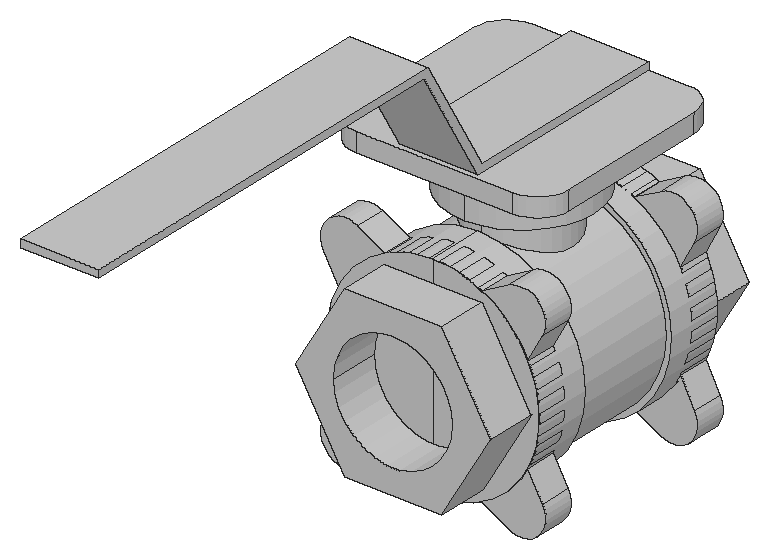
Revit family "КШ РАШВОРК  арт.7025 .rfa", category Арматура трубопроводов, Revit 2021
Family settings
  Размер круглого соединителя = Использовать диаметр
  Тип детали = Нормальный
  На основе рабочей плоскости = Нет
  Всегда вертикально = Нет
  При загрузке вырезать с полостями = Да
  Общий = Нет
Parameters (values of type "Кран шаровой полнопроходной РАШВОРК 7025 DN040 PN63, CF8M / AISI316 / PTFE, ВР/ВР, ISO 5211, рукоятка-рычаг, кв.14мм")
  Шручки = 25 mm
  ШISO = 70 mm
  Уго_длинна = 115 mm
  Ручка = нерж. сталь AISI304
  РАСС = 71 mm
  Отметка по умолчанию = 0 mm
  Корпус_ = Корпус_ : DN40
  Корпус = нерж. сталь CF8M
  Изготовитель = "ООО \"ТД \"РАШВОРК\""
  W = 185 mm
  URL = "https://rwru.ru/"
  TISO = 6 mm
  Lруч = 130 mm
  LL = 54 mm
  L4 = 23 mm
  L3 = 16 mm
  L2 = 18 mm
  L1 = 71 mm
  L = 103 mm
  H3 = 16 mm
  H2 = 2 mm
  H11 = 34 mm
  H1 = 61.5 mm
  H = 101 mm
  DN_соединителя = 40 mm
  DN = 38 mm
  ADSK_Примечание = ""
  ADSK_Наименование краткое = ""
  ADSK_Наименование = "Кран шаровой полнопроходной РАШВОРК 7025 DN040 PN63, CF8M / AISI316 / PTFE, ВР/ВР, ISO 5211, рукоятка-рычаг, кв.14мм"
  ADSK_Масса = 2.18
  ADSK_Код изделия = "7025-040-63"
  ADSK_Завод-изготовитель = "ООО \"ТД \"РАШВОРК\""
  ADSK_Единица измерения = "шт"
Types (12, lengths in mm): name | Шручки | ШISO | РАСС | Корпус_ | W | TISO | Lруч | LL | L4 | L3 | L2 | L1 | L | H3 | H2 | H11 | H1 | H | DN_соединителя | DN | ADSK_Наименование | ADSK_Масса | ADSK_Код изделия
  (no name) | 25 | 70 | 71 | Корпус_ : DN40 | 185 | 6 | 130 | 54 | 23 | 16 | 18 | 71 | 103 | 16 | 2 | 34 | 61.5 | 101 | 40 | 38 | "Кран шаровой полнопроходной РАШВОРК 7025 DN040 PN63, CF8M / AISI316 / PTFE, ВР/ВР, ISO 5211, рукоятка-рычаг, кв.14мм" | 2.18 | "7025-040-63"
  Кран шаровой полнопроходной РАШВОРК 7025 DN008 PN63, CF8M / AISI316 / PTFE, ВР/ВР, ISO 5211, рукоятка-рычаг, кв.9мм | 20 | 32 | 33 | Корпус_ : DN8_10 | 140 | 4 | 100 | 20 | 14 | 10 | 10 | 35 | 52 | 8 | 1 | 13 | 30 | 60 | 8 | 12.5 | "Кран шаровой полнопроходной РАШВОРК 7025 DN008 PN63, CF8M / AISI316 / PTFE, ВР/ВР, ISO 5211, рукоятка-рычаг, кв.9мм" | 0.4 | "7025-008-63"
  Кран шаровой полнопроходной РАШВОРК 7025 DN100 PN63, CF8M / AISI316 / PTFE, ВР/ВР, ISO 5211, рукоятка-рычаг, кв.17мм | 32 | 102 | 152 | Корпус_ : DN100 | 320 | 10 | 245 | 115 | 29 | 27 | 33 | 152 | 213 | 15 | 8 | 76 | 131 | 182 | 100 | 94 | "Кран шаровой полнопроходной РАШВОРК 7025 DN100 PN63, CF8M / AISI316 / PTFE, ВР/ВР, ISO 5211, рукоятка-рычаг, кв.17мм" | 14.37 | "7025-100-63"
  Кран шаровой полнопроходной РАШВОРК 7025 DN010 PN63, CF8M / AISI316 / PTFE, ВР/ВР, ISO 5211, рукоятка-рычаг, кв.9мм | 20 | 32 | 33 | Корпус_ : DN8_10 | 140 | 4 | 100 | 20 | 14 | 10 | 10 | 35 | 52 | 8 | 1 | 13 | 30 | 60 | 10 | 12.5 | "Кран шаровой полнопроходной РАШВОРК 7025 DN010 PN63, CF8M / AISI316 / PTFE, ВР/ВР, ISO 5211, рукоятка-рычаг, кв.9мм" | 0.42 | "7025-010-63"
  Кран шаровой полнопроходной РАШВОРК 7025 DN015 PN63, CF8M / AISI316 / PTFE, ВР/ВР, ISO 5211, рукоятка-рычаг, кв.9мм | 20 | 42 | 38 | Корпус_ : DN15 | 140 | 5 | 100 | 25 | 16 | 10 | 10 | 38 | 62 | 10 | 1 | 16 | 36.5 | 68 | 15 | 15 | "Кран шаровой полнопроходной РАШВОРК 7025 DN015 PN63, CF8M / AISI316 / PTFE, ВР/ВР, ISO 5211, рукоятка-рычаг, кв.9мм" | 0.53 | "7025-015-63"
  Кран шаровой полнопроходной РАШВОРК 7025 DN020 PN63, CF8M / AISI316 / PTFE, ВР/ВР, ISO 5211, рукоятка-рычаг, кв.9мм | 20 | 42 | 48 | Корпус_ : DN20 | 140 | 5 | 100 | 31 | 16 | 10 | 14 | 48 | 72 | 6 | 1 | 20 | 40.5 | 72 | 20 | 20 | "Кран шаровой полнопроходной РАШВОРК 7025 DN020 PN63, CF8M / AISI316 / PTFE, ВР/ВР, ISO 5211, рукоятка-рычаг, кв.9мм" | 0.68 | "7025-020-63"
  Кран шаровой полнопроходной РАШВОРК 7025 DN025 PN63, CF8M / AISI316 / PTFE, ВР/ВР, ISO 5211, рукоятка-рычаг, кв.11мм | 22 | 50 | 51 | Корпус_ : DN25 | 160 | 6 | 90 | 38.5 | 18 | 10 | 16 | 51 | 72 | 11 | 2 | 25 | 48.5 | 86 | 25 | 25 | "Кран шаровой полнопроходной РАШВОРК 7025 DN025 PN63, CF8M / AISI316 / PTFE, ВР/ВР, ISO 5211, рукоятка-рычаг, кв.11мм" | 0.97 | "7025-025-63"
  Кран шаровой полнопроходной РАШВОРК 7025 DN032 PN63, CF8M / AISI316 / PTFE, ВР/ВР, ISO 5211, рукоятка-рычаг, кв.11мм | 22 | 50 | 64 | Корпус_ : DN32 | 160 | 6 | 90 | 48 | 18 | 10 | 15 | 55 | 72 | 11 | 2 | 30 | 53 | 94 | 32 | 32 | "Кран шаровой полнопроходной РАШВОРК 7025 DN032 PN63, CF8M / AISI316 / PTFE, ВР/ВР, ISO 5211, рукоятка-рычаг, кв.11мм" | 1.55 | "7025-032-63"
  Кран шаровой полнопроходной РАШВОРК 7025 DN040 PN63, CF8M / AISI316 / PTFE, ВР/ВР, ISO 5211, рукоятка-рычаг, кв.14мм | 25 | 70 | 71 | Корпус_ : DN40 | 185 | 6 | 130 | 54 | 23 | 16 | 18 | 71 | 103 | 16 | 2 | 34 | 61.5 | 101 | 40 | 38 | "Кран шаровой полнопроходной РАШВОРК 7025 DN040 PN63, CF8M / AISI316 / PTFE, ВР/ВР, ISO 5211, рукоятка-рычаг, кв.14мм" | 2.18 | "7025-040-63"
  Кран шаровой полнопроходной РАШВОРК 7025 DN050 PN63, CF8M / AISI316 / PTFE, ВР/ВР, ISO 5211, рукоятка-рычаг, кв.14мм | 25 | 70 | 90 | Корпус_ : DN50 | 185 | 6 | 130 | 68 | 23 | 16 | 20 | 90 | 126 | 16 | 2 | 44 | 70.5 | 110 | 50 | 50 | "Кран шаровой полнопроходной РАШВОРК 7025 DN050 PN63, CF8M / AISI316 / PTFE, ВР/ВР, ISO 5211, рукоятка-рычаг, кв.14мм" | 3.19 | "7025-050-63"
  Кран шаровой полнопроходной РАШВОРК 7025 DN065 PN63, CF8M / AISI316 / PTFE, ВР/ВР, ISO 5211, рукоятка-рычаг, кв.17мм | 25 | 102 | 112 | Корпус_ : DN65 | 230 | 10 | 155 | 85 | 30 | 20 | 25 | 112 | 158 | 16 | 2 | 55 | 95.5 | 143 | 65 | 65 | "Кран шаровой полнопроходной РАШВОРК 7025 DN065 PN63, CF8M / AISI316 / PTFE, ВР/ВР, ISO 5211, рукоятка-рычаг, кв.17мм" | 6.22 | "7025-065-63"
  Кран шаровой полнопроходной РАШВОРК 7025 DN080 PN63, CF8M / AISI316 / PTFE, ВР/ВР, ISO 5211, рукоятка-рычаг, кв.17мм | 32 | 102 | 128 | Корпус_ : DN80 | 230 | 10 | 155 | 96 | 30 | 20 | 28 | 128 | 179 | 16 | 3 | 62 | 109 | 157 | 80 | 76 | "Кран шаровой полнопроходной РАШВОРК 7025 DN080 PN63, CF8M / AISI316 / PTFE, ВР/ВР, ISO 5211, рукоятка-рычаг, кв.17мм" | 8.3 | "7025-080-63"
Reference planes
  plane 1 "По центру (Вперед/Назад)": y = 0
  plane 2: z = 0
  plane 3 "По центру (Влево/Вправо)": x = 0
  plane 4: z = 27
  plane 5: z = -27
  plane 6: through (631.09, -1524, 1093.08) normal (0.866, 0, -0.5)
  plane 7: through (-682.473, 0, -1128.077) normal (0.866, 0, -0.5)
  plane 8: through (-635.707, 0, -1155.077) normal (0.866, 0, -0.5)
  plane 9: through (-631.09, -1524, 1093.08) normal (0.866, 0, 0.5)
  plane 10: through (682.473, 0, -1128.077) normal (0.866, 0, 0.5)
  plane 11: through (635.707, 0, -1155.077) normal (0.866, 0, 0.5)
  plane 12: y = 51.5
  plane 13: y = -51.5
  plane 14: y = -185
  plane 15: x = -12.5
  plane 16: x = 12.5
  plane 17: y = 35.5
  plane 18: y = -35.5
  plane 19: z = 34
  plane 20: y = 17.5
  plane 21: y = -17.5
  plane 22: z = 32
  plane 23: z = 61.5
  plane 24: z = 55.5
  plane 25: y = 35
  plane 26: y = -35
  plane 27: x = -35
  plane 28: x = 35
  plane 29: y = -23
  plane 30: z = 39.5
  plane 31: y = -16
  plane 32: y = -55
  plane 33: z = -6.5
  plane 34: z = 176
  plane 35: z = -4
  plane 36: z = -4
  plane 37: y = 35.5
  plane 38: y = -35.5
Forms (mm)
  Extrusion 1, solid, material "нерж. сталь CF8M" <- "Корпус", detail levels medium+fine
    sketch origin (0, 0, 0) x (1, 0, 0) y (0, 0, -1)
      loop
        line (-15.588, -27) -> (15.588, -27) -> (31.177, 0) -> (15.588, 27) -> (-15.588, 27) -> (-31.177, 0) -> (-15.588, -27)
    from -51.5 to 51.5
  Extrusion 2, void
    sketch origin (0, 0, 0) x (1, 0, 0) y (0, 0, 1)
      loop
        circle (0, 0) r 19
    from -51.5 to 51.5
  Extrusion 3, solid, material "нерж. сталь AISI304" <- "Ручка", detail levels medium+fine
    sketch origin (0, 0, 0) x (0, 1, 0) y (0, 0, 1)
      loop
        line (35, 64) -> (-31.538, 64) -> (-53.391, 101) -> (-185, 101) -> (-185, 98.5) -> (-55, 98.5) -> (-33.147, 61.5) -> (35, 61.5) -> (35, 64)
    from -12.5 to 12.5
  Revolve 4, solid, material "нерж. сталь CF8M" <- "Корпус", detail levels medium+fine
    sketch origin (0, 0, 0) x (0, 1, 0) y (0, 0, 1)
      loop
        line (35.5, 0) -> (35.5, 34) -> (17.5, 34) -> (17.5, 32) -> (-17.5, 32) -> (-17.5, 34) -> (-35.5, 34) -> (-35.5, 0) -> (35.5, 0)
      axis (-35.5, 0) -> (35.5, 0)
    angle from 0 to 360
  Extrusion 5, solid, material "нерж. сталь CF8M" <- "Корпус", detail levels medium+fine
    sketch origin (0, 0, 0) x (1, 0, 0) y (0, 1, 0)
      loop
        arc (-25, 35) -> (-32.071, 32.071) -> (-35, 25) r 10
        line (-35, 25) -> (-35, -25)
        arc (-35, -25) -> (-32.071, -32.071) -> (-25, -35) r 10
        line (-25, -35) -> (25, -35)
        arc (25, -35) -> (32.071, -32.071) -> (35, -25) r 10
        line (35, -25) -> (35, 25)
        arc (35, 25) -> (32.071, 32.071) -> (25, 35) r 10
        line (25, 35) -> (-25, 35)
    from 55.5 to 61.5
  Revolve 6, solid, material "нерж. сталь CF8M" <- "Корпус", detail levels medium+fine
    sketch origin (0, 0, 0) x (0, 1, 0) y (0, 0, 1)
      loop
        line (0, 55.5) -> (-23, 55.5) -> (-23, 39.5) -> (-16, 39.5) -> (-16, 0) -> (0, 0) -> (0, 55.5)
      axis (0, 55.5) -> (0, 0)
    angle from 0 to 360
Cuts and joins
  Extrusion 2 cuts Extrusion 1
Dimensions and locks
  equal spacing: plane 8, plane 6, plane 7
  "LL": plane 8 to plane 7
  equal spacing: plane 4, level, plane 5
  "LL": plane 4 to plane 5
  equal spacing: plane 11, plane 9, plane 10
  "LL": plane 11 to plane 10
  equal spacing: plane 12, plane 1 "По центру (Вперед/Назад)", plane 13
  "L": plane 12 to plane 13
  "W": plane 1 "По центру (Вперед/Назад)" to plane 14
  equal spacing: plane 15, plane 3 "По центру (Влево/Вправо)", plane 16
  "Шручки": plane 15 to plane 16
  "H": Extrusion 3 to level
  equal spacing: plane 17, plane 1 "По центру (Вперед/Назад)", plane 18
  "L1": plane 17 to plane 18
  "L2": plane 17 to plane 20
  "L2": plane 21 to plane 18
  "H2": plane 19 to plane 22
  "H11": plane 19 to level
  "H1": plane 23 to level
  "TISO": plane 23 to plane 24
  equal spacing: plane 27, plane 3 "По центру (Влево/Вправо)", plane 28
  "ШISO": plane 27 to plane 28
  equal spacing: plane 25, plane 1 "По центру (Вперед/Назад)", plane 26
  "ШISO": plane 25 to plane 26
  "L4": plane 1 "По центру (Вперед/Назад)" to plane 29
  "L3": plane 1 "По центру (Вперед/Назад)" to plane 31
  "H3": plane 24 to plane 30
  "Lруч": plane 32 to plane 14
  equal spacing: plane 37, plane 1 "По центру (Вперед/Назад)", plane 38
  "РАСС": plane 37 to plane 38
  "DN": diameter of Extrusion 2 sketch curve
  aligned and locked: level to plane 2
  aligned and locked: plane 13 to Extrusion 1
  aligned and locked: plane 3 "По центру (Влево/Вправо)" to Extrusion 2 sketch curve
  aligned and locked: level to Extrusion 2 sketch curve
  aligned and locked: plane 13 to Extrusion 2
  aligned and locked: cut or joined group of Extrusion 1, Extrusion 2 to plane 12
  aligned and locked: Extrusion 2 to plane 12
  aligned and locked: Extrusion 3 to plane 15
  aligned and locked: plane 16 to Extrusion 3
  aligned and locked: plane 3 "По центру (Влево/Вправо)" to nested 1
  aligned and locked: plane 1 "По центру (Вперед/Назад)" to nested 1
  aligned and locked: plane 23 to Extrusion 3
  aligned and locked: Extrusion 5 to plane 24
  aligned and locked: plane 23 to Extrusion 5
  aligned and locked: plane 25 to Extrusion 3
  aligned and locked: Revolve 6 sketch curve to plane 29
  aligned and locked: plane 30 to Revolve 6 sketch curve
  aligned and locked: Revolve 6 sketch curve to plane 31
  aligned and locked: Revolve 6 sketch curve to plane 24
  aligned and locked: Revolve 6 to level
  aligned and locked: plane 32 to Extrusion 3 sketch curve
  aligned and locked: plane 3 "По центру (Влево/Вправо)" to nested 2
  aligned and locked: nested 2 to plane 37
  aligned and locked: nested 3 to plane 38
Automatic sketch dimensions
  Extrusion 1 sketch curve to level = 0 mm  (x2)
  Extrusion 1 sketch curve to plane 7 = 0 mm  (x2)
  Extrusion 1 sketch curve to plane 4 = 0 mm
  Extrusion 1 sketch curve to plane 5 = 0 mm
  Extrusion 1 sketch curve to plane 6 = 0 mm  (x2)
  Extrusion 1 sketch curve to plane 8 = 0 mm  (x2)
  Revolve 4 sketch curve to level = 0 mm  (x2)
  Revolve 4 sketch curve to plane 18 = 0 mm
  Revolve 4 sketch curve to plane 19 = 0 mm  (x2)
  Revolve 4 sketch curve to plane 21 = 0 mm
  Revolve 4 sketch curve to plane 20 = 0 mm
  Revolve 4 sketch curve to plane 17 = 0 mm
  Revolve 4 sketch curve to plane 22 = 0 mm
  plane 13 to Revolve 4 sketch curve = 16.5 mm
  Revolve 4 sketch curve to plane 12 = 17.574 mm
  Extrusion 5 sketch curve to plane 27 = 0 mm
  Extrusion 5 sketch curve to plane 25 = 0 mm
  Extrusion 5 sketch curve to plane 26 = 0 mm
  Extrusion 5 sketch curve to plane 28 = 0 mm
  Extrusion 5 sketch curve to Extrusion 5 sketch curve = 10 mm  (x2)
  Extrusion 5 sketch curve to plane 28 = 10 mm
  plane 26 to Extrusion 5 sketch curve = 10 mm
  Revolve 6 sketch curve to plane 1 "По центру (Вперед/Назад)" = 0 mm  (x2)
  Revolve 6 sketch curve to plane 5 = 2.947 mm
  plane 23 to Revolve 6 sketch curve = 8.097 mm
  Revolve 6 sketch curve to plane 4 = 27 mm
  Extrusion 3 sketch curve to plane 14 = 0 mm
  Extrusion 3 sketch curve to plane 32 = 0 mm
  Extrusion 3 sketch curve to plane 23 = 0 mm
  Extrusion 3 sketch curve to plane 25 = 0 mm
  Extrusion 3 sketch curve to plane 32 = 1.609 mm
  plane 26 to Extrusion 3 sketch curve = 1.853 mm
  Extrusion 3 sketch curve to Extrusion 3 sketch curve = 1.609 mm
  plane 23 to Extrusion 3 sketch curve = 2.5 mm
  plane 34 to Extrusion 3 sketch curve = 77.5 mm
  Extrusion 3 sketch curve to Extrusion 3 sketch curve = 2.5 mm
Nested families
  nested 1: "УГО_кран" at (0, 0, 0), type "УГО_кран", detail levels coarse
    with Высота_УГО 59.467 mm, L_УГО 103 mm
  nested 2: "Корпус_" at (0, 30.5, 0), type <- "Корпус_", type "DN40", detail levels medium+fine
  nested 3: "Корпус_" at (0, -30.5, 0), type <- "Корпус_", type "DN40", detail levels medium+fine
Connectors
  piping at (0, 51.5, 0), diameter 40, driven by "DN_соединителя"
    settings: on cut or joined group of Extrusion 1, Extrusion 2, index 1, connector inside diameter 609.6 mm, connector length 0 mm, flow factor 0, pipe flow 0.0 L/s, pressure drop 0.0 Pa, fitting loss kfactor 0, connector angle 0.00°, fixture units 0, engagement length 0 mm, angle of deflection 0.00°, flow configuration 0, flow direction 0, fitting loss method 0, system type 7, joint type 0, gender type 0, connector reference index 2, connector utility 0, adjustable connector no, is connector primary yes, connector description ""
  piping at (0, -51.5, 0), diameter 40, driven by "DN_соединителя"
    settings: on cut or joined group of Extrusion 1, Extrusion 2, index 2, connector inside diameter 609.6 mm, connector length 0 mm, flow factor 0, pipe flow 0.0 L/s, pressure drop 0.0 Pa, fitting loss kfactor 0, connector angle 0.00°, fixture units 0, engagement length 0 mm, angle of deflection 0.00°, flow configuration 0, flow direction 0, fitting loss method 0, system type 7, joint type 0, gender type 0, connector reference index 1, connector utility 0, adjustable connector no, is connector primary no, connector description ""
Definition of nested family "Корпус_"
  Parameters (values of type "DN100")
    Default Elevation = 0 mm
    T = 28 mm
    DN15 = no
    DN8_10 = no
    DN80 = no
    DN65 = no
    DN50 = no
    DN40 = no
    DN32 = no
    DN25 = no
    DN20 = no
    DN100 = yes
  Types (10, lengths in mm): name | T | DN15 | DN8_10 | DN80 | DN65 | DN50 | DN40 | DN32 | DN25 | DN20 | DN100
    DN100 | 28 | no | no | no | no | no | no | no | no | no | yes
    DN8_10 | 6 | no | yes | no | no | no | no | no | no | no | no
    DN15 | 7 | yes | no | no | no | no | no | no | no | no | no
    DN20 | 7 | no | no | no | no | no | no | no | no | yes | no
    DN25 | 6 | no | no | no | no | no | no | no | yes | no | no
    DN32 | 9 | no | no | no | no | no | no | yes | no | no | no
    DN40 | 10 | no | no | no | no | no | yes | no | no | no | no
    DN50 | 11 | no | no | no | no | yes | no | no | no | no | no
    DN65 | 14 | no | no | no | yes | no | no | no | no | no | no
    DN80 | 17 | no | no | yes | no | no | no | no | no | no | no
  Reference planes
    plane 1 "По центру (Вперед/Назад)": y = 0
    plane 2: z = 0
    plane 3 "По центру (Влево/Вправо)": x = 0
    plane 4: y = 14
    plane 5: y = -14
  Forms (mm)
    Extrusion 1, solid, visible <- "DN100"
      sketch origin (0, 0, 0) x (1, 0, 0) y (0, 0, 1)
        loop
          arc (-69.939, 69.916) -> (-73.105, 64.611) -> (-73.387, 58.439) r 12.679
          line (-73.387, 58.439) -> (-67.752, 30.696)
          arc (-67.752, 30.696) -> (-74.381, 0) -> (-67.752, -30.696) r 74.381
          line (-67.752, -30.696) -> (-73.387, -58.439)
          arc (-73.387, -58.439) -> (-73.105, -64.611) -> (-69.939, -69.916) r 12.679
          arc (-69.939, -69.916) -> (-64.611, -73.105) -> (-58.439, -73.387) r 12.679
          line (-58.439, -73.387) -> (-30.696, -67.752)
          arc (-30.696, -67.752) -> (0, -74.381) -> (30.696, -67.752) r 74.381
          line (30.696, -67.752) -> (58.439, -73.387)
          arc (58.439, -73.387) -> (64.611, -73.105) -> (69.916, -69.939) r 12.679
          arc (69.916, -69.939) -> (73.105, -64.611) -> (73.387, -58.439) r 12.679
          line (73.387, -58.439) -> (67.752, -30.696)
          arc (67.752, -30.696) -> (74.381, 0) -> (67.752, 30.696) r 74.381
          line (67.752, 30.696) -> (73.387, 58.439)
          arc (73.387, 58.439) -> (73.105, 64.611) -> (69.939, 69.916) r 12.679
          arc (69.939, 69.916) -> (64.611, 73.105) -> (58.439, 73.387) r 12.679
          line (58.439, 73.387) -> (30.696, 67.752)
          arc (30.696, 67.752) -> (0, 74.381) -> (-30.696, 67.752) r 74.381
          line (-30.696, 67.752) -> (-58.439, 73.387)
          arc (-58.439, 73.387) -> (-64.611, 73.105) -> (-69.939, 69.916) r 12.679
      from -14 to 14
    Extrusion 2, solid, visible <- "DN8_10"
      sketch origin (0, 0, 0) x (1, 0, 0) y (0, 0, 1)
        loop
          line (-10.95, -1.05) -> (-16.56, -9.64)
          arc (-16.56, -9.64) -> (-17.312, -11.586) -> (-17.204, -13.668) r 5
          arc (-17.204, -13.668) -> (-15.91, -15.91) -> (-13.668, -17.204) r 5
          arc (-13.668, -17.204) -> (-11.586, -17.312) -> (-9.64, -16.56) r 5
          line (-9.64, -16.56) -> (-1.05, -10.95)
          arc (-1.05, -10.95) -> (0, -11) -> (1.05, -10.95) r 11
          line (1.05, -10.95) -> (9.64, -16.56)
          arc (9.64, -16.56) -> (11.586, -17.312) -> (13.668, -17.204) r 5
          arc (13.668, -17.204) -> (15.91, -15.91) -> (17.204, -13.668) r 5
          arc (17.204, -13.668) -> (17.312, -11.586) -> (16.56, -9.64) r 5
          line (16.56, -9.64) -> (10.95, -1.05)
          arc (10.95, -1.05) -> (11, 0) -> (10.95, 1.05) r 11
          line (10.95, 1.05) -> (16.56, 9.64)
          arc (16.56, 9.64) -> (17.312, 11.586) -> (17.204, 13.668) r 5
          arc (17.204, 13.668) -> (15.91, 15.91) -> (13.668, 17.204) r 5
          arc (13.668, 17.204) -> (11.586, 17.312) -> (9.64, 16.56) r 5
          line (9.64, 16.56) -> (1.05, 10.95)
          arc (1.05, 10.95) -> (0, 11) -> (-1.05, 10.95) r 11
          line (-1.05, 10.95) -> (-9.64, 16.56)
          arc (-9.64, 16.56) -> (-11.586, 17.312) -> (-13.668, 17.204) r 5
          arc (-13.668, 17.204) -> (-15.91, 15.91) -> (-17.204, 13.668) r 5
          arc (-17.204, 13.668) -> (-17.312, 11.586) -> (-16.56, 9.64) r 5
          line (-16.56, 9.64) -> (-10.95, 1.05)
          arc (-10.95, 1.05) -> (-11, 0) -> (-10.95, -1.05) r 11
      from -14 to 14
    Extrusion 3, solid, visible <- "DN15"
      sketch origin (0, 0, 0) x (1, 0, 0) y (0, 0, 1)
        loop
          line (-15.455, -4.141) -> (-20.036, -12.578)
          arc (-20.036, -12.578) -> (-19.092, -19.092) -> (-12.578, -20.036) r 5.5
          line (-12.578, -20.036) -> (-4.141, -15.455)
          arc (-4.141, -15.455) -> (0, -16) -> (4.141, -15.455) r 16
          line (4.141, -15.455) -> (12.578, -20.036)
          arc (12.578, -20.036) -> (19.092, -19.092) -> (20.036, -12.578) r 5.5
          line (20.036, -12.578) -> (15.455, -4.141)
          arc (15.455, -4.141) -> (16, 0) -> (15.455, 4.141) r 16
          line (15.455, 4.141) -> (20.036, 12.578)
          arc (20.036, 12.578) -> (19.092, 19.092) -> (12.578, 20.036) r 5.5
          line (12.578, 20.036) -> (4.141, 15.455)
          arc (4.141, 15.455) -> (0, 16) -> (-4.141, 15.455) r 16
          line (-4.141, 15.455) -> (-12.578, 20.036)
          arc (-12.578, 20.036) -> (-19.092, 19.092) -> (-20.036, 12.578) r 5.5
          line (-20.036, 12.578) -> (-15.455, 4.141)
          arc (-15.455, 4.141) -> (-16, 0) -> (-15.455, -4.141) r 16
      from -14 to 14
    Extrusion 4, solid, visible <- "DN20"
      sketch origin (0, 0, 0) x (1, 0, 0) y (0, 0, 1)
        loop
          line (-23.164, 15.06) -> (-18.812, 6.791)
          arc (-18.812, 6.791) -> (-20, 0) -> (-18.812, -6.791) r 20
          line (-18.812, -6.791) -> (-23.164, -15.06)
          arc (-23.164, -15.06) -> (-22.097, -22.097) -> (-15.06, -23.164) r 6
          line (-15.06, -23.164) -> (-6.791, -18.812)
          arc (-6.791, -18.812) -> (0, -20) -> (6.791, -18.812) r 20
          line (6.791, -18.812) -> (15.06, -23.164)
          arc (15.06, -23.164) -> (22.097, -22.097) -> (23.164, -15.06) r 6
          line (23.164, -15.06) -> (18.812, -6.791)
          arc (18.812, -6.791) -> (20, 0) -> (18.812, 6.791) r 20
          line (18.812, 6.791) -> (23.164, 15.06)
          arc (23.164, 15.06) -> (22.097, 22.097) -> (15.06, 23.164) r 6
          line (15.06, 23.164) -> (6.791, 18.812)
          arc (6.791, 18.812) -> (0, 20) -> (-6.791, 18.812) r 20
          line (-6.791, 18.812) -> (-15.06, 23.164)
          arc (-15.06, 23.164) -> (-22.097, 22.097) -> (-23.164, 15.06) r 6
      from -14 to 14
    Extrusion 5, solid, visible <- "DN25"
      sketch origin (0, 0, 0) x (1, 0, 0) y (0, 0, 1)
        loop
          line (-26.649, 18.672) -> (-22.477, 9.749)
          arc (-22.477, 9.749) -> (-24.5, 0) -> (-22.477, -9.749) r 24.5
          line (-22.477, -9.749) -> (-26.649, -18.672)
          arc (-26.649, -18.672) -> (-25.456, -25.456) -> (-18.672, -26.649) r 6
          line (-18.672, -26.649) -> (-9.749, -22.477)
          arc (-9.749, -22.477) -> (0, -24.5) -> (9.749, -22.477) r 24.5
          line (9.749, -22.477) -> (18.672, -26.649)
          arc (18.672, -26.649) -> (25.456, -25.456) -> (26.649, -18.672) r 6
          line (26.649, -18.672) -> (22.477, -9.749)
          arc (22.477, -9.749) -> (24.5, 0) -> (22.477, 9.749) r 24.5
          line (22.477, 9.749) -> (26.649, 18.672)
          arc (26.649, 18.672) -> (25.456, 25.456) -> (18.672, 26.649) r 6
          line (18.672, 26.649) -> (9.749, 22.477)
          arc (9.749, 22.477) -> (0, 24.5) -> (-9.749, 22.477) r 24.5
          line (-9.749, 22.477) -> (-18.672, 26.649)
          arc (-18.672, 26.649) -> (-25.456, 25.456) -> (-26.649, 18.672) r 6
      from -14 to 14
    Extrusion 6, solid, visible <- "DN32"
      sketch origin (0, 0, 0) x (1, 0, 0) y (0, 0, 1)
        loop
          line (-32.63, 22.689) -> (-27.893, 12.337)
          arc (-27.893, 12.337) -> (-30.5, 0) -> (-27.893, -12.337) r 30.5
          line (-27.893, -12.337) -> (-32.63, -22.689)
          arc (-32.63, -22.689) -> (-33.283, -25.178) -> (-33.056, -27.741) r 7.5
          arc (-33.056, -27.741) -> (-31.113, -31.113) -> (-27.76, -33.051) r 7.5
          arc (-27.76, -33.051) -> (-25.178, -33.283) -> (-22.689, -32.63) r 7.5
          line (-22.689, -32.63) -> (-12.337, -27.893)
          arc (-12.337, -27.893) -> (0, -30.5) -> (12.337, -27.893) r 30.5
          line (12.337, -27.893) -> (22.689, -32.63)
          arc (22.689, -32.63) -> (25.178, -33.283) -> (27.741, -33.056) r 7.5
          arc (27.741, -33.056) -> (31.113, -31.113) -> (33.051, -27.76) r 7.5
          arc (33.051, -27.76) -> (33.283, -25.178) -> (32.63, -22.689) r 7.5
          line (32.63, -22.689) -> (27.893, -12.337)
          arc (27.893, -12.337) -> (30.5, 0) -> (27.893, 12.337) r 30.5
          line (27.893, 12.337) -> (32.63, 22.689)
          arc (32.63, 22.689) -> (33.283, 25.178) -> (33.056, 27.741) r 7.5
          arc (33.056, 27.741) -> (31.113, 31.113) -> (27.76, 33.051) r 7.5
          arc (27.76, 33.051) -> (25.178, 33.283) -> (22.689, 32.63) r 7.5
          line (22.689, 32.63) -> (12.337, 27.893)
          arc (12.337, 27.893) -> (0, 30.5) -> (-12.337, 27.893) r 30.5
          line (-12.337, 27.893) -> (-22.689, 32.63)
          arc (-22.689, 32.63) -> (-25.178, 33.283) -> (-27.741, 33.056) r 7.5
          arc (-27.741, 33.056) -> (-31.113, 31.113) -> (-33.051, 27.76) r 7.5
          arc (-33.051, 27.76) -> (-33.283, 25.178) -> (-32.63, 22.689) r 7.5
      from -14 to 14
    Extrusion 7, solid, visible <- "DN40"
      sketch origin (0, 0, 0) x (1, 0, 0) y (0, 0, 1)
        loop
          arc (-24.137, 34.974) -> (-33.588, 33.588) -> (-34.974, 24.137) r 8
          line (-34.974, 24.137) -> (-30.291, 15.442)
          arc (-30.291, 15.442) -> (-34, 0) -> (-30.291, -15.442) r 34
          line (-30.291, -15.442) -> (-34.974, -24.137)
          arc (-34.974, -24.137) -> (-33.588, -33.588) -> (-24.137, -34.974) r 8
          line (-24.137, -34.974) -> (-15.442, -30.291)
          arc (-15.442, -30.291) -> (0, -34) -> (15.442, -30.291) r 34
          line (15.442, -30.291) -> (24.137, -34.974)
          arc (24.137, -34.974) -> (33.588, -33.588) -> (34.974, -24.137) r 8
          line (34.974, -24.137) -> (30.291, -15.442)
          arc (30.291, -15.442) -> (34, 0) -> (30.291, 15.442) r 34
          line (30.291, 15.442) -> (34.974, 24.137)
          arc (34.974, 24.137) -> (33.588, 33.588) -> (24.137, 34.974) r 8
          line (24.137, 34.974) -> (15.442, 30.291)
          arc (15.442, 30.291) -> (0, 34) -> (-15.442, 30.291) r 34
          line (-15.442, 30.291) -> (-24.137, 34.974)
      from -14 to 14
    Extrusion 8, solid, visible <- "DN50"
      sketch origin (0, 0, 0) x (1, 0, 0) y (0, 0, 1)
        loop
          arc (-41.373, 41.359) -> (-43.245, 38.22) -> (-43.412, 34.569) r 7.5
          line (-43.412, 34.569) -> (-40.078, 18.158)
          arc (-40.078, 18.158) -> (-44, 0) -> (-40.078, -18.158) r 44
          line (-40.078, -18.158) -> (-43.412, -34.569)
          arc (-43.412, -34.569) -> (-43.245, -38.22) -> (-41.373, -41.359) r 7.5
          arc (-41.373, -41.359) -> (-38.22, -43.245) -> (-34.569, -43.412) r 7.5
          line (-34.569, -43.412) -> (-18.158, -40.078)
          arc (-18.158, -40.078) -> (0, -44) -> (18.158, -40.078) r 44
          line (18.158, -40.078) -> (34.569, -43.412)
          arc (34.569, -43.412) -> (38.22, -43.245) -> (41.359, -41.373) r 7.5
          arc (41.359, -41.373) -> (43.245, -38.22) -> (43.412, -34.569) r 7.5
          line (43.412, -34.569) -> (40.078, -18.158)
          arc (40.078, -18.158) -> (44, 0) -> (40.078, 18.158) r 44
          line (40.078, 18.158) -> (43.412, 34.569)
          arc (43.412, 34.569) -> (43.245, 38.22) -> (41.373, 41.359) r 7.5
          arc (41.373, 41.359) -> (38.22, 43.245) -> (34.569, 43.412) r 7.5
          line (34.569, 43.412) -> (18.158, 40.078)
          arc (18.158, 40.078) -> (0, 44) -> (-18.158, 40.078) r 44
          line (-18.158, 40.078) -> (-34.569, 43.412)
          arc (-34.569, 43.412) -> (-38.22, 43.245) -> (-41.373, 41.359) r 7.5
      from -14 to 14
    Extrusion 9, solid, visible <- "DN65"
      sketch origin (0, 0, 0) x (1, 0, 0) y (0, 0, 1)
        loop
          line (-22.77, 50.257) -> (-43.349, 54.438)
          arc (-43.349, 54.438) -> (-47.927, 54.228) -> (-51.863, 51.88) r 9.405
          arc (-51.863, 51.88) -> (-54.228, 47.927) -> (-54.438, 43.349) r 9.405
          line (-54.438, 43.349) -> (-50.257, 22.77)
          arc (-50.257, 22.77) -> (-55.175, 0) -> (-50.257, -22.77) r 55.175
          line (-50.257, -22.77) -> (-54.438, -43.349)
          arc (-54.438, -43.349) -> (-54.228, -47.927) -> (-51.88, -51.863) r 9.405
          arc (-51.88, -51.863) -> (-47.927, -54.228) -> (-43.349, -54.438) r 9.405
          line (-43.349, -54.438) -> (-22.77, -50.257)
          arc (-22.77, -50.257) -> (0, -55.175) -> (22.77, -50.257) r 55.175
          line (22.77, -50.257) -> (43.349, -54.438)
          arc (43.349, -54.438) -> (47.927, -54.228) -> (51.863, -51.88) r 9.405
          arc (51.863, -51.88) -> (54.228, -47.927) -> (54.438, -43.349) r 9.405
          line (54.438, -43.349) -> (50.257, -22.77)
          arc (50.257, -22.77) -> (55.175, 0) -> (50.257, 22.77) r 55.175
          line (50.257, 22.77) -> (54.438, 43.349)
          arc (54.438, 43.349) -> (54.228, 47.927) -> (51.88, 51.863) r 9.405
          arc (51.88, 51.863) -> (47.927, 54.228) -> (43.349, 54.438) r 9.405
          line (43.349, 54.438) -> (22.77, 50.257)
          arc (22.77, 50.257) -> (0, 55.175) -> (-22.77, 50.257) r 55.175
      from -14 to 14
    Extrusion 10, solid, visible <- "DN80"
      sketch origin (0, 0, 0) x (1, 0, 0) y (0, 0, 1)
        loop
          arc (25.796, 56.937) -> (0, 62.508) -> (-25.796, 56.937) r 62.508
          line (-25.796, 56.937) -> (-49.11, 61.673)
          arc (-49.11, 61.673) -> (-54.297, 61.436) -> (-58.756, 58.775) r 10.655
          arc (-58.756, 58.775) -> (-61.436, 54.297) -> (-61.673, 49.11) r 10.655
          line (-61.673, 49.11) -> (-56.937, 25.796)
          arc (-56.937, 25.796) -> (-62.508, 0) -> (-56.937, -25.796) r 62.508
          line (-56.937, -25.796) -> (-61.673, -49.11)
          arc (-61.673, -49.11) -> (-61.436, -54.297) -> (-58.775, -58.756) r 10.655
          arc (-58.775, -58.756) -> (-54.297, -61.436) -> (-49.11, -61.673) r 10.655
          line (-49.11, -61.673) -> (-25.796, -56.937)
          arc (-25.796, -56.937) -> (0, -62.508) -> (25.796, -56.937) r 62.508
          line (25.796, -56.937) -> (49.11, -61.673)
          arc (49.11, -61.673) -> (54.297, -61.436) -> (58.756, -58.775) r 10.655
          arc (58.756, -58.775) -> (61.436, -54.297) -> (61.673, -49.11) r 10.655
          line (61.673, -49.11) -> (56.937, -25.796)
          arc (56.937, -25.796) -> (62.508, 0) -> (56.937, 25.796) r 62.508
          line (56.937, 25.796) -> (61.673, 49.11)
          arc (61.673, 49.11) -> (61.436, 54.297) -> (58.775, 58.756) r 10.655
          arc (58.775, 58.756) -> (54.297, 61.436) -> (49.11, 61.673) r 10.655
          line (49.11, 61.673) -> (25.796, 56.937)
      from -14 to 14
  Dimensions and locks
    "T": plane 4 to plane 5
    equal spacing: plane 4, plane 1 "По центру (Вперед/Назад)", plane 5
    aligned and locked: level to plane 2
    aligned and locked: Extrusion 1 to plane 4
    aligned and locked: plane 5 to Extrusion 1
    aligned and locked: Extrusion 2 to plane 4
    aligned and locked: plane 5 to Extrusion 2
    aligned and locked: Extrusion 3 to plane 4
    aligned and locked: plane 5 to Extrusion 3
    aligned and locked: Extrusion 4 to plane 4
    aligned and locked: plane 5 to Extrusion 4
    aligned and locked: Extrusion 5 to plane 4
    aligned and locked: plane 5 to Extrusion 5
    aligned and locked: Extrusion 6 to plane 4
    aligned and locked: plane 5 to Extrusion 6
    aligned and locked: Extrusion 7 to plane 4
    aligned and locked: plane 5 to Extrusion 7
    aligned and locked: Extrusion 8 to plane 4
    aligned and locked: plane 5 to Extrusion 8
    aligned and locked: Extrusion 9 to plane 4
    aligned and locked: plane 5 to Extrusion 9
    aligned and locked: Extrusion 10 to plane 4
    aligned and locked: plane 5 to Extrusion 10
  Automatic sketch dimensions
    Extrusion 1 sketch curve to Extrusion 1 sketch curve = 0 mm  (x20)
    Extrusion 1 sketch curve to level = 0 mm
    Extrusion 1 sketch curve to plane 3 "По центру (Влево/Вправо)" = 0 mm
    Extrusion 1 sketch curve to plane 3 "По центру (Влево/Вправо)" = 30.696 mm  (x2)
    Extrusion 1 sketch curve to Extrusion 1 sketch curve = 27.743 mm  (x8)
    Extrusion 1 sketch curve to Extrusion 1 sketch curve = 2.524 mm  (x8)
    level to Extrusion 1 sketch curve = 30.696 mm  (x2)
    Extrusion 1 sketch curve to Extrusion 1 sketch curve = 6.789 mm  (x4)
    Extrusion 1 sketch curve to level = 30.696 mm  (x2)
    Extrusion 1 sketch curve to Extrusion 1 sketch curve = 12.425 mm  (x8)
    plane 3 "По центру (Влево/Вправо)" to Extrusion 1 sketch curve = 30.696 mm  (x2)
    Extrusion 1 sketch curve to Extrusion 1 sketch curve = 11.478 mm  (x4)
    Extrusion 1 sketch curve to Extrusion 1 sketch curve = 0.023 mm  (x4)
    Extrusion 2 sketch curve to Extrusion 2 sketch curve = 2.734 mm  (x5)
    Extrusion 2 sketch curve to Extrusion 2 sketch curve = 0.644 mm  (x4)
    level to Extrusion 2 sketch curve = 1.05 mm  (x2)
    Extrusion 2 sketch curve to Extrusion 2 sketch curve = 1.294 mm  (x2)
    Extrusion 2 sketch curve to Extrusion 2 sketch curve = 4.028 mm  (x4)
    plane 3 "По центру (Влево/Вправо)" to Extrusion 2 sketch curve = 1.05 mm  (x2)
    Extrusion 2 sketch curve to Extrusion 2 sketch curve = 4.83 mm  (x2)
    Extrusion 2 sketch curve to level = 1.05 mm  (x2)
    Extrusion 2 sketch curve to plane 3 "По центру (Влево/Вправо)" = 1.05 mm  (x2)
    Extrusion 2 sketch curve to Extrusion 2 sketch curve = 0 mm  (x36)
    Extrusion 2 sketch curve to level = 0 mm
    Extrusion 2 sketch curve to plane 3 "По центру (Влево/Вправо)" = 0 mm
    Extrusion 2 sketch curve to plane 3 "По центру (Влево/Вправо)" = 9.64 mm  (x2)
    Extrusion 2 sketch curve to Extrusion 2 sketch curve = 5.611 mm  (x4)
    level to Extrusion 2 sketch curve = 9.64 mm  (x2)
    Extrusion 2 sketch curve to Extrusion 2 sketch curve = 4.186 mm  (x3)
    plane 3 "По центру (Влево/Вправо)" to Extrusion 2 sketch curve = 9.64 mm  (x2)
    Extrusion 2 sketch curve to level = 9.64 mm
    Extrusion 2 sketch curve to Extrusion 2 sketch curve = 15.51 mm
    Extrusion 3 sketch curve to level = 4.141 mm  (x2)
    Extrusion 3 sketch curve to Extrusion 3 sketch curve = 2.625 mm  (x6)
    Extrusion 3 sketch curve to plane 3 "По центру (Влево/Вправо)" = 4.141 mm  (x2)
    Extrusion 3 sketch curve to Extrusion 3 sketch curve = 4.581 mm  (x7)
    Extrusion 3 sketch curve to Extrusion 3 sketch curve = 0 mm  (x18)
    plane 3 "По центру (Влево/Вправо)" to Extrusion 3 sketch curve = 4.141 mm  (x2)
    Extrusion 3 sketch curve to Extrusion 3 sketch curve = 8.437 mm  (x3)
    Extrusion 3 sketch curve to Extrusion 3 sketch curve = 4.833 mm  (x6)
    level to Extrusion 3 sketch curve = 4.141 mm  (x2)
    Extrusion 3 sketch curve to level = 0 mm
    Extrusion 3 sketch curve to plane 3 "По центру (Влево/Вправо)" = 0 mm
    level to Extrusion 3 sketch curve = 12.578 mm
    Extrusion 3 sketch curve to Extrusion 3 sketch curve = 15.895 mm
    Extrusion 4 sketch curve to plane 3 "По центру (Влево/Вправо)" = 23.164 mm
    Extrusion 4 sketch curve to Extrusion 4 sketch curve = 5.309 mm  (x6)
    level to Extrusion 4 sketch curve = 15.06 mm
    Extrusion 4 sketch curve to Extrusion 4 sketch curve = 2.795 mm  (x6)
    level to Extrusion 4 sketch curve = 6.791 mm  (x2)
    Extrusion 4 sketch curve to Extrusion 4 sketch curve = 4.352 mm  (x8)
    Extrusion 4 sketch curve to plane 3 "По центру (Влево/Вправо)" = 6.791 mm  (x2)
    Extrusion 4 sketch curve to level = 0 mm
    Extrusion 4 sketch curve to plane 3 "По центру (Влево/Вправо)" = 0 mm
    plane 3 "По центру (Влево/Вправо)" to Extrusion 4 sketch curve = 6.791 mm  (x2)
    Extrusion 4 sketch curve to Extrusion 4 sketch curve = 8.269 mm  (x3)
    Extrusion 4 sketch curve to Extrusion 4 sketch curve = 0 mm  (x5)
    Extrusion 4 sketch curve to level = 6.791 mm  (x2)
    Extrusion 5 sketch curve to plane 3 "По центру (Влево/Вправо)" = 21.213 mm
    Extrusion 5 sketch curve to Extrusion 5 sketch curve = 2.541 mm  (x5)
    level to Extrusion 5 sketch curve = 21.213 mm
    Extrusion 5 sketch curve to Extrusion 5 sketch curve = 5.435 mm  (x7)
    Extrusion 5 sketch curve to plane 3 "По центру (Влево/Вправо)" = 9.749 mm  (x2)
    Extrusion 5 sketch curve to Extrusion 5 sketch curve = 4.172 mm  (x7)
    Extrusion 5 sketch curve to level = 0 mm
    Extrusion 5 sketch curve to plane 3 "По центру (Влево/Вправо)" = 0 mm
    plane 3 "По центру (Влево/Вправо)" to Extrusion 5 sketch curve = 9.749 mm  (x2)
    Extrusion 5 sketch curve to Extrusion 5 sketch curve = 8.923 mm  (x3)
    level to Extrusion 5 sketch curve = 9.749 mm  (x2)
    Extrusion 5 sketch curve to Extrusion 5 sketch curve = 0 mm  (x6)
    Extrusion 5 sketch curve to level = 9.749 mm  (x2)
    Extrusion 6 sketch curve to plane 3 "По центру (Влево/Вправо)" = 32.63 mm
    Extrusion 6 sketch curve to Extrusion 6 sketch curve = 6.82 mm  (x8)
    level to Extrusion 6 sketch curve = 22.689 mm
    Extrusion 6 sketch curve to Extrusion 6 sketch curve = 3.12 mm  (x8)
    Extrusion 6 sketch curve to Extrusion 6 sketch curve = 0.427 mm  (x3)
    level to Extrusion 6 sketch curve = 12.337 mm  (x2)
    Extrusion 6 sketch curve to Extrusion 6 sketch curve = 4.736 mm  (x8)
    Extrusion 6 sketch curve to Extrusion 6 sketch curve = 0 mm  (x21)
    Extrusion 6 sketch curve to Extrusion 6 sketch curve = 0.005 mm  (x5)
    Extrusion 6 sketch curve to Extrusion 6 sketch curve = 5.071 mm
    Extrusion 6 sketch curve to Extrusion 6 sketch curve = 0.019 mm  (x7)
    Extrusion 6 sketch curve to Extrusion 6 sketch curve = 10.352 mm  (x5)
    Extrusion 6 sketch curve to level = 0 mm
    Extrusion 6 sketch curve to plane 3 "По центру (Влево/Вправо)" = 0 mm
    plane 3 "По центру (Влево/Вправо)" to Extrusion 6 sketch curve = 12.337 mm
    Extrusion 6 sketch curve to Extrusion 6 sketch curve = 5.052 mm  (x3)
    Extrusion 6 sketch curve to Extrusion 6 sketch curve = 0.422 mm
    Extrusion 6 sketch curve to level = 12.337 mm  (x2)
    Extrusion 6 sketch curve to plane 3 "По центру (Влево/Вправо)" = 12.337 mm
    Extrusion 7 sketch curve to plane 3 "По центру (Влево/Вправо)" = 27.931 mm
    Extrusion 7 sketch curve to Extrusion 7 sketch curve = 3.793 mm  (x5)
    level to Extrusion 7 sketch curve = 27.931 mm
    Extrusion 7 sketch curve to Extrusion 7 sketch curve = 7.043 mm  (x7)
    Extrusion 7 sketch curve to Extrusion 7 sketch curve = 8.696 mm  (x7)
    Extrusion 7 sketch curve to Extrusion 7 sketch curve = 4.683 mm  (x8)
    Extrusion 7 sketch curve to level = 0 mm
    Extrusion 7 sketch curve to plane 3 "По центру (Влево/Вправо)" = 0 mm
    plane 3 "По центру (Влево/Вправо)" to Extrusion 7 sketch curve = 15.442 mm
    Extrusion 7 sketch curve to Extrusion 7 sketch curve = 0 mm  (x6)
    Extrusion 7 sketch curve to level = 15.442 mm
    Extrusion 7 sketch curve to plane 3 "По центру (Влево/Вправо)" = 15.442 mm
    Extrusion 8 sketch curve to Extrusion 8 sketch curve = 0 mm  (x14)
    Extrusion 8 sketch curve to plane 3 "По центру (Влево/Вправо)" = 36.062 mm
    Extrusion 8 sketch curve to Extrusion 8 sketch curve = 1.493 mm  (x4)
    level to Extrusion 8 sketch curve = 36.062 mm
    Extrusion 8 sketch curve to Extrusion 8 sketch curve = 7.35 mm  (x4)
    Extrusion 8 sketch curve to Extrusion 8 sketch curve = 6.79 mm  (x3)
    Extrusion 8 sketch curve to Extrusion 8 sketch curve = 0.014 mm  (x4)
    Extrusion 8 sketch curve to Extrusion 8 sketch curve = 2.04 mm  (x2)
    Extrusion 8 sketch curve to Extrusion 8 sketch curve = 16.411 mm  (x5)
    Extrusion 8 sketch curve to Extrusion 8 sketch curve = 6.803 mm  (x4)
    Extrusion 8 sketch curve to Extrusion 8 sketch curve = 3.334 mm  (x8)
    Extrusion 8 sketch curve to level = 0 mm
    Extrusion 8 sketch curve to plane 3 "По центру (Влево/Вправо)" = 0 mm
    plane 3 "По центру (Влево/Вправо)" to Extrusion 8 sketch curve = 18.158 mm
    Extrusion 8 sketch curve to Extrusion 8 sketch curve = 2.053 mm  (x3)
    level to Extrusion 8 sketch curve = 18.158 mm
    Extrusion 8 sketch curve to level = 18.158 mm  (x2)
    Extrusion 8 sketch curve to plane 3 "По центру (Влево/Вправо)" = 18.158 mm
    Extrusion 9 sketch curve to level = 0 mm
    Extrusion 9 sketch curve to plane 3 "По центру (Влево/Вправо)" = 0 mm
    Extrusion 9 sketch curve to plane 3 "По центру (Влево/Вправо)" = 22.77 mm  (x2)
    level to Extrusion 9 sketch curve = 50.257 mm
    Extrusion 9 sketch curve to Extrusion 9 sketch curve = 20.579 mm  (x5)
    plane 3 "По центру (Влево/Вправо)" to Extrusion 9 sketch curve = 22.77 mm
    Extrusion 9 sketch curve to Extrusion 9 sketch curve = 4.181 mm  (x7)
    Extrusion 9 sketch curve to Extrusion 9 sketch curve = 1.872 mm  (x4)
    Extrusion 9 sketch curve to Extrusion 9 sketch curve = 9.217 mm  (x4)
    Extrusion 9 sketch curve to Extrusion 9 sketch curve = 8.514 mm  (x2)
    Extrusion 9 sketch curve to Extrusion 9 sketch curve = 0 mm  (x14)
    Extrusion 9 sketch curve to Extrusion 9 sketch curve = 2.575 mm  (x3)
    Extrusion 9 sketch curve to Extrusion 9 sketch curve = 8.531 mm  (x3)
    level to Extrusion 9 sketch curve = 22.77 mm  (x2)
    Extrusion 9 sketch curve to Extrusion 9 sketch curve = 0.017 mm  (x4)
    Extrusion 9 sketch curve to level = 22.77 mm  (x2)
    Extrusion 9 sketch curve to Extrusion 9 sketch curve = 2.558 mm  (x2)
    Extrusion 9 sketch curve to Extrusion 9 sketch curve = 11.089 mm  (x2)
    Extrusion 10 sketch curve to level = 0 mm
    Extrusion 10 sketch curve to plane 3 "По центру (Влево/Вправо)" = 0 mm
    plane 3 "По центру (Влево/Вправо)" to Extrusion 10 sketch curve = 25.796 mm
    level to Extrusion 10 sketch curve = 56.937 mm
    Extrusion 10 sketch curve to plane 3 "По центру (Влево/Вправо)" = 25.796 mm  (x2)
    Extrusion 10 sketch curve to Extrusion 10 sketch curve = 23.314 mm  (x5)
    Extrusion 10 sketch curve to Extrusion 10 sketch curve = 4.736 mm  (x7)
    Extrusion 10 sketch curve to Extrusion 10 sketch curve = 2.121 mm  (x4)
    Extrusion 10 sketch curve to Extrusion 10 sketch curve = 10.441 mm  (x4)
    Extrusion 10 sketch curve to Extrusion 10 sketch curve = 9.646 mm  (x2)
    Extrusion 10 sketch curve to Extrusion 10 sketch curve = 0 mm  (x14)
    Extrusion 10 sketch curve to Extrusion 10 sketch curve = 2.917 mm  (x4)
    Extrusion 10 sketch curve to Extrusion 10 sketch curve = 9.665 mm  (x4)
    level to Extrusion 10 sketch curve = 25.796 mm  (x2)
    Extrusion 10 sketch curve to Extrusion 10 sketch curve = 0.019 mm  (x4)
    Extrusion 10 sketch curve to level = 25.796 mm  (x2)
    Extrusion 10 sketch curve to Extrusion 10 sketch curve = 2.898 mm  (x2)
Definition of nested family "УГО_кран"
  Parameters (values of type "УГО_кран")
    Default Elevation = 0 mm
    Высота_УГО = (L_УГО / 2) / cos(30.00°)  # 57.735 mm
    L_УГО = 100 mm
  Reference planes
    plane 1 "По центру (Вперед/Назад)": y = 0
    plane 2: z = 0
    plane 3 "По центру (Влево/Вправо)": x = 0
    plane 4: z = 28.868
    plane 5: z = -28.868
    plane 6: y = 50
    plane 7: y = -50
  Lines and regions (mm)
    model lines
      curve 1: line (0, 50, 28.868) -> (0, -50, -28.868)
      curve 2: line (0, -50, -28.868) -> (0, -50, 28.868)
      curve 3: line (0, -50, 28.868) -> (0, 50, -28.868)
      curve 4: line (0, 50, -28.868) -> (0, 50, 28.868)
  Dimensions and locks
    equal spacing: plane 6, plane 1 "По центру (Вперед/Назад)", plane 7
    "L_УГО": plane 6 to plane 7
    equal spacing: plane 4, level, plane 5
    "Высота_УГО": plane 4 to plane 5
    aligned and locked: level to plane 2
    aligned and locked: plane 6 to curve 4
    aligned and locked: plane 7 to curve 2
    aligned and locked: plane 4 to curve 3
    aligned and locked: plane 4 to curve 4
    aligned and locked: plane 5 to curve 4
  Automatic sketch dimensions
    curve 1 to plane 5 = 0 mm
